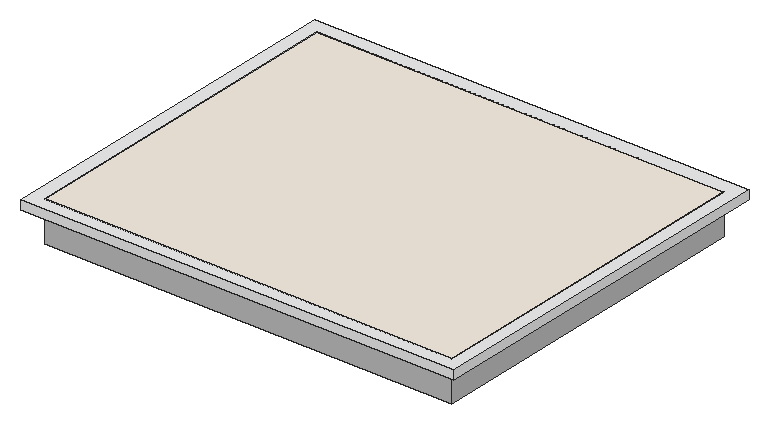
Revit family "Lighting-Industrial-GEWISS-ELIA-HL-LED_HIGHBAY", category Apparecchi per illuminazione, host Superficie, Revit 2019 (continued)
Types (12, lengths in mm): name | Weight (kg): | Weight (kg) | Voltage | Technical sheet | System power | Optic | built-in parameter 1150142 | Lumen output (lm) | Model | IDT | File diagramma fotometrico | Description
    4565.40 \r\n4400.20 4239.20 4081.00 3925.60 3774.40 3628.80 3483.20 \r\n3340.40 3200.40 3063.20 2927.40 2797.62 2669.94 2545.62 \r\n2423.26 2305.52 2195.48 2089.08 1982.40 1878.24 1777.30 \r\n1678.60 1580.46 1485.12 1393.84 1306.76 1224.02 1145.76 \r\n1072.40 1003.10 937.30 875.00 816.48 760.76 707.28 656.18 \r\n607.32 560.42 515.76 472.78 430.22 389.48 351.68 315.98 \r\n282.38 250.88 221.75 194.63 169.27 145.60 123.31 102.66 \r\n83.69 66.56 51.24 38.23 28.15 20.48 15.09 11.57 9.41 8.79 \r\n8142.40 8142.40 8143.80 8143.80 8146.60 8148.00 8150.80 \r\n8153.60 8156.40 8159.20 8162.00 8167.60 8173.20 8177.40 \r\n8183.00 8190.00 8197.00 8204.00 8211.00 8219.40 8226.40 \r\n8234.80 8244.60 8253.00 8261.40 8269.80 8278.20 8286.60 \r\n8295.00 8303.40 8311.80 8321.60 8330.00 8339.80 8349.60 \r\n8359.40 8369.20 8379.00 8390.20 8398.60 8409.80 8421.00 \r\n8430.80 8442.00 8453.20 8463.00 8475.60 8486.80 8499.40 \r\n8510.60 8523.20 8535.80 8547.00 8558.20 8570.80 8582.00 \r\n8593.20 8603.00 8614.20 8622.60 8629.60 8638.00 8643.60 \r\n8649.20 8653.40 8654.80 8657.60 8657.60 8656.20 8654.80 \r\n8652.00 8647.80 8642.20 8635.20 8626.80 8615.60 8603.00 \r\n8587.60 8570.80 8551.20 8531.60 8507.80 8482.60 8456.00 \r\n8428.00 8398.60 8365.00 8330.00 8293.60 8253.00 8211.00 \r\n8164.80 8113.00 8059.80 7998.20 7926.80 7844.20 7754.60 \r\n7656.60 7548.80 7435.40 7319.20 7200.20 7077.00 6946.80 \r\n6806.80 6658.40 6501.60 6332.20 6154.40 5969.60 5783.40 \r\n5598.60 5416.60 5238.80 5062.40 4891.60 4727.80 4564.00 \r\n4401.60 4239.20 4081.00 3925.60 3775.80 3627.40 3483.20 \r\n3340.40 3200.40 3063.20 2928.80 2798.32 2670.36 2546.60 \r\n2425.64 2308.88 2198.84 2091.74 1984.50 1879.22 1778.14 \r\n1679.30 1581.02 1485.40 1394.40 1307.32 1224.58 1146.32 \r\n1072.96 1003.66 937.72 875.42 816.62 760.90 707.56 656.46 \r\n607.60 560.70 515.76 472.64 430.22 389.62 351.82 316.26 \r\n282.74 251.22 222.19 195.12 169.64 145.81 123.54 102.90 \r\n83.87 66.70 51.41 38.42 28.29 20.59 15.19 11.65 9.46 8.80 \r\n8142.40 8142.40 8143.80 8143.80 8146.60 8148.00 8149.40 \r\n8153.60 8156.40 8159.20 8163.40 8167.60 8173.20 8177.40 \r\n8184.40 8190.00 8197.00 8205.40 8212.40 8219.40 8229.20 \r\n8236.20 8244.60 8253.00 8261.40 8269.80 8278.20 8286.60 \r\n8295.00 8303.40 8313.20 8321.60 8331.40 8339.80 8349.60 \r\n8359.40 8369.20 8380.40 8390.20 8400.00 8409.80 8421.00 \r\n8432.20 8442.00 8453.20 8464.40 8477.00 8488.20 8500.80 \r\n8513.40 8526.00 8537.20 8549.80 8561.00 8572.20 8583.40 \r\n8594.60 8605.80 8615.60 8624.00 8632.40 8639.40 8645.00 \r\n8650.60 8654.80 8657.60 8657.60 8657.60 8657.60 8656.20 \r\n8653.40 8649.20 8643.60 8636.60 8628.20 8617.00 8604.40 \r\n8589.00 8570.80 8552.60 8531.60 8509.20 8484.00 8457.40 \r\n8429.40 8400.00 8366.40 8331.40 8295.00 8255.80 8213.80 \r\n8167.60 8115.80 8062.60 7999.60 7926.80 7845.60 7753.20 \r\n7655.20 7547.40 7434.00 7317.80 7198.80 7075.60 6946.80 \r\n6806.80 6658.40 6500.20 6332.20 6153.00 5968.20 5782.00 \r\n5595.80 5416.60 5238.80 5063.80 4891.60 4726.40 4564.00 \r\n4400.20 4239.20 4081.00 3927.00 3775.80 3628.80 3483.20 \r\n3340.40 3200.40 3063.20 2928.80 2797.62 2670.92 2547.44 \r\n2427.74 2311.96 2201.92 2094.54 1986.32 1880.20 1778.70 \r\n1679.58 1581.16 1485.54 1394.54 1307.74 1225.00 1146.74 \r\n1073.38 1004.08 938.00 875.56 816.76 760.90 707.70 656.88 \r\n607.74 560.84 515.76 472.50 430.22 389.76 352.10 316.54 \r\n282.95 251.51 222.57 195.55 169.96 145.98 123.72 103.12 \r\n84.06 66.82 51.56 38.61 28.45 20.70 15.28 11.73 9.51 8.81 \r\n8142.40 8142.40 8143.80 8145.20 8146.60 8146.60 8149.40 \r\n8152.20 8156.40 8159.20 8163.40 8167.60 8173.20 8177.40 \r\n8184.40 8191.40 8197.00 8205.40 8212.40 8220.80 8229.20 \r\n8237.60 8246.00 8254.40 8264.20 8272.60 8279.60 8288.00 \r\n8296.40 8306.20 8314.60 8323.00 8332.80 8339.80 8349.60 \r\n8359.40 8370.60 8380.40 8390.20 8401.40 8409.80 8421.00 \r\n8432.20 8443.40 8453.20 8464.40 8477.00 8491.00 8502.20 \r\n8514.80 8527.40 8540.00 8551.20 8563.80 8575.00 8586.20 \r\n8598.80 8608.60 8618.40 8625.40 8633.80 8642.20 8647.80 \r\n8653.40 8656.20 8657.60 8660.40 8660.40 8660.40 8657.60 \r\n8654.80 8652.00 8645.00 8636.60 8628.20 8618.40 8605.80 \r\n8589.00 8570.80 8552.60 8533.00 8509.20 8485.40 8457.40 \r\n8429.40 8401.40 8367.80 8332.80 8296.40 8257.20 8213.80 \r\n8169.00 8117.20 8064.00 8001.00 7926.80 7844.20 7754.60 \r\n7653.80 7546.00 7432.60 7315.00 7197.40 7074.20 6945.40 \r\n6806.80 6657.00 6500.20 6332.20 6151.60 5966.80 5780.60 \r\n5594.40 5413.80 5238.80 5063.80 4893.00 4726.40 4564.00 \r\n4401.60 4240.60 4081.00 3927.00 3775.80 3628.80 3483.20 \r\n3340.40 3200.40 3063.20 2930.20 2798.32 2671.34 2548.42 \r\n2429.84 2315.32 2205.00 2096.92 1987.72 1880.76 1778.98 \r\n1679.86 1581.16 1485.54 1394.54 1307.74 1225.14 1147.16 \r\n1073.80 1004.36 938.28 875.70 816.76 760.90 707.84 657.16 \r\n608.02 560.84 515.62 472.08 429.94 389.90 352.10 316.68 \r\n283.08 251.72 222.88 195.93 170.20 146.10 123.86 103.31 \r\n84.20 66.92 51.72 38.79 28.60 20.80 15.36 11.80 9.56 8.82 \r\n8142.40 8142.40 8143.80 8145.20 8146.60 8148.00 8149.40 \r\n8152.20 8156.40 8159.20 8163.40 8167.60 8173.20 8177.40 \r\n8184.40 8191.40 8197.00 8205.40 8213.80 8220.80 8229.20 \r\n8237.60 8246.00 8255.80 8264.20 8272.60 8281.00 8289.40 \r\n8297.80 8306.20 8314.60 8323.00 8332.80 8342.60 8349.60 \r\n8360.80 8370.60 8380.40 8390.20 8401.40 8411.20 8421.00 \r\n8432.20 8443.40 8454.60 8467.20 8478.40 8491.00 8503.60 \r\n8516.20 8527.40 8541.40 8554.00 8565.20 8576.40 8589.00 \r\n8600.20 8611.40 8619.80 8628.20 8635.20 8643.60 8649.20 \r\n8653.40 8656.20 8660.40 8660.40 8661.80 8660.40 8659.00 \r\n8656.20 8652.00 8646.40 8639.40 8629.60 8618.40 8604.40 \r\n8590.40 8572.20 8554.00 8534.40 8510.60 8484.00 8458.80 \r\n8430.80 8401.40 8369.20 8334.20 8297.80 8257.20 8215.20 \r\n8171.80 8120.00 8065.40 8002.40 7928.20 7845.60 7753.20 \r\n7652.40 7543.20 7429.80 7313.60 7196.00 7074.20 6945.40 \r\n6806.80 6657.00 6498.80 6330.80 6150.20 5965.40 5777.80 \r\n5594.40 5413.80 5238.80 5063.80 4893.00 4727.80 4564.00 \r\n4401.60 4240.60 4082.40 3927.00 3775.80 3627.40 3483.20 \r\n3341.80 3201.80 3064.60 2930.20 2798.46 2671.76 2549.26 \r\n2431.80 2318.12 2207.80 2099.02 1989.12 1881.18 1778.98 \r\n1679.86 1581.02 1485.12 1394.26 1307.60 1225.14 1147.02 \r\n1073.66 1004.50 938.28 875.70 816.62 760.76 707.84 657.30 \r\n608.16 560.84 515.34 471.80 429.80 389.76 352.10 316.68 \r\n283.22 251.86 223.13 196.25 170.39 146.16 123.96 103.45 \r\n84.31 67.00 51.84 38.99 28.75 20.90 15.44 11.87 9.59 8.82 \r\n8142.40 8142.40 8143.80 8145.20 8146.60 8148.00 8149.40 \r\n8152.20 8156.40 8159.20 8163.40 8167.60 8173.20 8178.80 \r\n8184.40 8191.40 8197.00 8205.40 8213.80 8222.20 8229.20 \r\n8237.60 8247.40 8255.80 8264.20 8272.60 8281.00 8289.40 \r\n8299.20 8306.20 8314.60 8324.40 8332.80 8342.60 8351.00 \r\n8360.80 8370.60 8380.40 8390.20 8401.40 8411.20 8421.00 \r\n8432.20 8443.40 8454.60 8467.20 8478.40 8492.40 8505.00 \r\n8517.60 8530.20 8542.80 8555.40 8568.00 8579.20 8591.80 \r\n8603.00 8612.80 8621.20 8629.60 8638.00 8645.00 8649.20 \r\n8654.80 8659.00 8660.40 8663.20 8663.20 8663.20 8660.40 \r\n8657.60 8654.80 8647.80 8639.40 8629.60 8619.80 8605.80 \r\n8590.40 8572.20 8554.00 8533.00 8510.60 8485.40 8458.80 \r\n8430.80 8401.40 8370.60 8335.60 8299.20 8260.00 8218.00 \r\n8171.80 8122.80 8068.20 8003.80 7929.60 7844.20 7751.80 \r\n7651.00 7541.80 7428.40 7313.60 7194.60 7072.80 6944.00 \r\n6805.40 6655.60 6497.40 6328.00 6150.20 5964.00 5777.80 \r\n5591.60 5413.80 5238.80 5065.20 4894.40 4727.80 4562.60 \r\n4401.60 4240.60 4082.40 3928.40 3775.80 3627.40 3483.20 \r\n3341.80 3201.80 3064.60 2930.20 2798.60 2671.90 2549.82 \r\n2433.48 2320.64 2210.18 2100.84 1989.82 1881.18 1778.84 \r\n1679.44 1580.32 1484.42 1393.70 1307.32 1224.86 1146.74 \r\n1073.52 1004.36 938.28 875.56 816.34 760.34 707.70 657.30 \r\n608.16 560.70 515.06 471.38 429.52 389.62 352.10 316.68 \r\n283.08 251.90 223.29 196.46 170.51 146.17 124.00 103.56 \r\n84.39 67.05 51.95 39.16 28.91 20.99 15.51 11.92 9.62 8.83 \r\n8142.40 8142.40 8143.80 8145.20 8146.60 8148.00 8149.40 \r\n8152.20 8155.00 8159.20 8163.40 8167.60 8173.20 8178.80 \r\n8185.80 8191.40 8198.40 8205.40 8213.80 8222.20 8230.60 \r\n8240.40 8248.80 8257.20 8265.60 8275.40 8282.40 8290.80 \r\n8299.20 8307.60 8316.00 8325.80 8332.80 8342.60 8351.00 \r\n8360.80 8370.60 8380.40 8390.20 8401.40 8412.60 8421.00 \r\n8433.60 8443.40 8454.60 8468.60 8479.80 8492.40 8505.00 \r\n8519.00 8531.60 8544.20 8556.80 8569.40 8580.60 8593.20 \r\n8604.40 8614.20 8624.00 8631.00 8639.40 8645.00 8652.00 \r\n8656.20 8659.00 8663.20 8664.60 8664.60 8664.60 8661.80 \r\n8659.00 8654.80 8647.80 8640.80 8631.00 8619.80 8605.80 \r\n8590.40 8573.60 8554.00 8533.00 8509.20 8485.40 8460.20 \r\n8432.20 8401.40 8370.60 8337.00 8299.20 8261.40 8219.40 \r\n8174.60 8124.20 8069.60 8005.20 7931.00 7845.60 7750.40 \r\n7649.60 7540.40 7427.00 7312.20 7194.60 7072.80 6945.40 \r\n6804.00 6655.60 6496.00 6328.00 6147.40 5962.60 5776.40 \r\n5591.60 5413.80 5238.80 5065.20 4895.80 4727.80 4564.00 \r\n4401.60 4240.60 4083.80 3928.40 3775.80 3627.40 3481.80 \r\n3341.80 3201.80 3064.60 2931.60 2798.88 2672.18 2550.52 \r\n2434.88 2322.74 2211.86 2101.96 1990.24 1881.04 1778.14 \r\n1678.60 1579.48 1483.58 1393.00 1306.62 1224.30 1146.32 \r\n1073.10 1003.94 937.86 875.28 815.92 759.92 707.42 657.30 \r\n608.02 560.42 514.64 470.82 429.10 389.34 351.96 316.54 \r\n283.08 251.86 223.34 196.57 170.55 146.10 123.98 103.61 \r\n84.43 67.09 52.05 39.33 29.04 21.08 15.57 11.96 9.64 8.83 \r\n8142.40 8142.40 8143.80 8145.20 8146.60 8148.00 8149.40 \r\n8152.20 8155.00 8159.20 8163.40 8167.60 8173.20 8178.80 \r\n8185.80 8191.40 8199.80 8206.80 8215.20 8223.60 8232.00 \r\n8240.40 8248.80 8257.20 8267.00 8275.40 8283.80 8292.20 \r\n8300.60 8309.00 8317.40 8325.80 8334.20 8342.60 8351.00 \r\n8360.80 8370.60 8380.40 8391.60 8401.40 8412.60 8422.40 \r\n8433.60 8444.80 8457.40 8468.60 8479.80 8493.80 8506.40 \r\n8520.40 8534.40 8547.00 8558.20 8572.20 8583.40 8596.00 \r\n8605.80 8617.00 8625.40 8633.80 8640.80 8647.80 8653.40 \r\n8657.60 8660.40 8663.20 8664.60 8666.00 8664.60 8663.20 \r\n8660.40 8654.80 8650.60 8640.80 8631.00 8619.80 8607.20 \r\n8590.40 8573.60 8554.00 8534.40 8510.60 8485.40 8460.20 \r\n8432.20 8402.80 8372.00 8337.00 8300.60 8262.80 8219.40 \r\n8176.00 8128.40 8071.00 8006.60 7931.00 7847.00 7751.80 \r\n7648.20 7539.00 7425.60 7310.80 7191.80 7071.40 6944.00 \r\n6804.00 6654.20 6494.60 6326.60 6147.40 5962.60 5775.00 \r\n5588.80 5411.00 5238.80 5065.20 4894.40 4727.80 4564.00 \r\n4401.60 4242.00 4083.80 3929.80 3775.80 3627.40 3481.80 \r\n3340.40 3201.80 3064.60 2931.60 2798.60 2672.60 2550.94 \r\n2435.86 2324.28 2213.12 2102.66 1990.24 1880.20 1777.16 \r\n1677.62 1578.36 1482.32 1391.88 1305.64 1223.32 1145.62 \r\n1072.54 1003.38 937.16 874.58 815.36 759.36 707.00 657.02 \r\n607.74 560.14 514.08 470.26 428.68 389.06 351.68 316.40 \r\n282.94 251.72 223.27 196.59 170.48 145.96 123.91 103.61 \r\n84.43 67.09 52.12 39.45 29.15 21.16 15.63 11.99 9.66 8.83 \r\n8142.40 8142.40 8143.80 8145.20 8145.20 8148.00 8149.40 \r\n8152.20 8155.00 8159.20 8163.40 8169.00 8173.20 8180.20 \r\n8185.80 8191.40 8199.80 8206.80 8215.20 8223.60 8232.00 \r\n8240.40 8248.80 8258.60 8267.00 8275.40 8283.80 8292.20 \r\n8300.60 8309.00 8317.40 8325.80 8334.20 8344.00 8351.00 \r\n8360.80 8370.60 8380.40 8390.20 8400.00 8411.20 8422.40 \r\n8433.60 8444.80 8456.00 8468.60 8481.20 8495.20 8507.80 \r\n8521.80 8534.40 8547.00 8561.00 8572.20 8584.80 8596.00 \r\n8607.20 8617.00 8626.80 8633.80 8642.20 8647.80 8653.40 \r\n8657.60 8661.80 8663.20 8666.00 8667.40 8664.60 8663.20 \r\n8660.40 8654.80 8649.20 8640.80 8631.00 8619.80 8605.80 \r\n8590.40 8573.60 8554.00 8533.00 8510.60 8484.00 8458.80 \r\n8432.20 8402.80 8372.00 8337.00 8300.60 8262.80 8220.80 \r\n8177.40 8129.80 8072.40 8008.00 7932.40 7848.40 7753.20 \r\n7649.60 7539.00 7425.60 7309.40 7191.80 7070.00 6942.60 \r\n6802.60 6652.80 6493.20 6325.20 6146.00 5962.60 5776.40 \r\n5590.20 5412.40 5238.80 5066.60 4897.20 4729.20 4565.40 \r\n4401.60 4242.00 4086.60 3931.20 3778.60 3628.80 3484.60 \r\n3341.80 3203.20 3067.40 2931.60 2800.56 2673.58 2551.08 \r\n2434.74 2321.90 2210.04 2099.30 1986.88 1876.98 1773.94 \r\n1674.40 1575.28 1479.24 1388.66 1302.56 1220.52 1142.96 \r\n1070.02 1001.00 935.20 872.62 813.54 757.68 705.60 655.62 \r\n606.48 559.02 513.24 469.42 427.70 387.94 350.84 315.84 \r\n282.38 250.91 222.46 195.80 169.79 145.40 123.45 103.28 \r\n84.17 66.91 52.04 39.45 29.20 21.22 15.65 11.96 9.63 8.82 \r\n8142.40 8142.40 8143.80 8145.20 8145.20 8148.00 8149.40 \r\n8152.20 8155.00 8159.20 8163.40 8169.00 8173.20 8180.20 \r\n8185.80 8191.40 8199.80 8208.20 8215.20 8223.60 8232.00 \r\n8241.80 8251.60 8260.00 8268.40 8275.40 8283.80 8293.60 \r\n8302.00 8309.00 8317.40 8325.80 8334.20 8344.00 8351.00 \r\n8360.80 8369.20 8380.40 8390.20 8400.00 8411.20 8422.40 \r\n8433.60 8444.80 8456.00 8468.60 8481.20 8495.20 8507.80 \r\n8523.20 8535.80 8549.80 8561.00 8575.00 8586.20 8598.80 \r\n8610.00 8619.80 8628.20 8636.60 8642.20 8649.20 8654.80 \r\n8659.00 8661.80 8666.00 8666.00 8667.40 8666.00 8663.20 \r\n8660.40 8654.80 8649.20 8640.80 8629.60 8617.00 8605.80 \r\n8589.00 8570.80 8552.60 8533.00 8509.20 8484.00 8458.80 \r\n8430.80 8401.40 8370.60 8337.00 8300.60 8262.80 8223.60 \r\n8180.20 8129.80 8073.80 8009.40 7933.80 7849.80 7754.60 \r\n7651.00 7539.00 7422.80 7308.00 7190.40 7070.00 6941.20 \r\n6799.80 6650.00 6490.40 6322.40 6146.00 5964.00 5777.80 \r\n5591.60 5413.80 5238.80 5066.60 4898.60 4730.60 4566.80 \r\n4404.40 4243.40 4086.60 3931.20 3778.60 3630.20 3484.60 \r\n3343.20 3203.20 3067.40 2933.00 2801.40 2674.42 2550.94 \r\n2433.20 2318.82 2206.40 2095.24 1982.96 1873.34 1770.44 \r\n1670.90 1571.78 1476.02 1385.30 1299.06 1217.44 1140.16 \r\n1067.36 998.48 932.68 870.38 811.58 756.00 703.78 654.08 \r\n605.08 557.76 512.12 468.44 426.58 386.96 350.14 315.28 \r\n281.68 250.03 221.54 194.94 169.02 144.76 122.95 102.89 \r\n83.89 66.70 51.94 39.44 29.24 21.28 15.66 11.93 9.59 8.80 \r\n8142.40 8142.40 8142.40 8145.20 8145.20 8148.00 8149.40 \r\n8152.20 8155.00 8159.20 8163.40 8169.00 8174.60 8180.20 \r\n8185.80 8192.80 8199.80 8208.20 8216.60 8225.00 8233.40 \r\n8243.20 8251.60 8260.00 8268.40 8276.80 8286.60 8295.00 \r\n8303.40 8310.40 8317.40 8325.80 8335.60 8344.00 8352.40 \r\n8362.20 8370.60 8380.40 8390.20 8401.40 8411.20 8422.40 \r\n8432.20 8444.80 8456.00 8470.00 8481.20 8495.20 8509.20 \r\n8523.20 8537.20 8549.80 8563.80 8575.00 8587.60 8598.80 \r\n8610.00 8619.80 8628.20 8636.60 8643.60 8650.60 8654.80 \r\n8659.00 8663.20 8666.00 8667.40 8667.40 8666.00 8663.20 \r\n8660.40 8654.80 8647.80 8639.40 8629.60 8617.00 8603.00 \r\n8589.00 8570.80 8552.60 8530.20 8509.20 8484.00 8457.40 \r\n8429.40 8401.40 8369.20 8335.60 8300.60 8264.20 8223.60 \r\n8180.20 8131.20 8075.20 8010.80 7935.20 7851.20 7757.40 \r\n7652.40 7540.40 7424.20 7308.00 7190.40 7068.60 6941.20 \r\n6799.80 6648.60 6487.60 6321.00 6144.60 5965.40 5779.20 \r\n5593.00 5415.20 5240.20 5068.00 4897.20 4730.60 4566.80 \r\n4404.40 4244.80 4088.00 3934.00 3781.40 3631.60 3486.00 \r\n3344.60 3203.20 3067.40 2933.00 2804.20 2675.40 2550.94 \r\n2431.38 2315.32 2202.34 2091.04 1978.90 1869.56 1766.66 \r\n1667.26 1568.42 1472.52 1381.94 1295.70 1214.22 1137.22 \r\n1064.56 995.82 930.30 868.28 809.62 754.18 702.10 652.40 \r\n603.54 556.50 511.14 467.60 425.60 385.84 349.30 314.72 \r\n280.84 249.09 220.57 194.00 168.21 144.10 122.42 102.48 \r\n83.58 66.49 51.83 39.40 29.26 21.33 15.67 11.88 9.54 8.79 \r\n8142.40 8142.40 8142.40 8145.20 8145.20 8148.00 8149.40 \r\n8152.20 8155.00 8159.20 8163.40 8169.00 8173.20 8180.20 \r\n8185.80 8192.80 8199.80 8208.20 8216.60 8225.00 8233.40 \r\n8243.20 8251.60 8260.00 8268.40 8278.20 8286.60 8295.00 \r\n8303.40 8311.80 8318.80 8327.20 8335.60 8344.00 8352.40 \r\n8362.20 8370.60 8380.40 8390.20 8401.40 8409.80 8421.00 \r\n8432.20 8443.40 8457.40 8468.60 8482.60 8496.60 8509.20 \r\n8523.20 8538.60 8552.60 8563.80 8577.80 8589.00 8600.20 \r\n8611.40 8621.20 8629.60 8638.00 8645.00 8652.00 8656.20 \r\n8660.40 8663.20 8666.00 8667.40 8667.40 8666.00 8663.20 \r\n8660.40 8654.80 8647.80 8639.40 8626.80 8615.60 8603.00 \r\n8586.20 8569.40 8549.80 8530.20 8506.40 8482.60 8457.40 \r\n8429.40 8400.00 8369.20 8335.60 8300.60 8264.20 8223.60 \r\n8181.60 8134.00 8076.60 8012.20 7936.60 7852.60 7757.40 \r\n7653.80 7541.80 7424.20 7308.00 7189.00 7068.60 6938.40 \r\n6797.00 6644.40 6486.20 6319.60 6144.60 5966.80 5780.60 \r\n5595.80 5416.60 5240.20 5068.00 4898.60 4732.00 4568.20 
